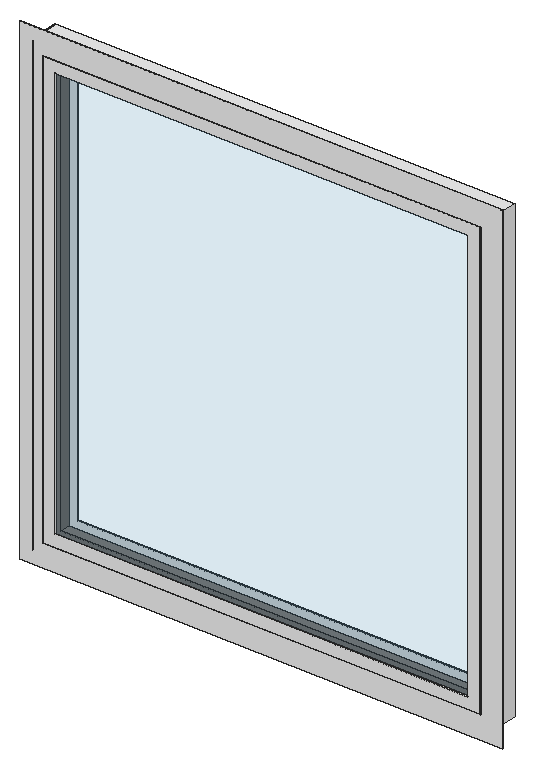
Revit family "Casement_38_E_Side_Hung_Custom", category Windows, host Wall, Revit 2014
Parameters (values of type "Casement_Sash_DG")
  Width Sash [instance] = 30 mm
  Width Sash Inner = 15 mm
  Width Bead = 15 mm
  Top Hung [instance] = yes
  Side Hung Right [instance] = yes
  Side Hung Left [instance] = yes
  Sash Opening Width [instance] = 600 mm
  Sash Opening Height [instance] = 600.312 mm
  Sash Lip = 15 mm
  Glazing Material [instance] = Glass
  DG Start Piece 2 [instance] = DG End Piece 1 + DG Gasket Thickness  # 25 mm
  DG Start Peice 1 [instance] = (Depth Sash - (2 * DG Glazing Thickness) - DG Gasket Thickness) / 2  # 6.6 mm
  Glazing Offset = 5 mm
  DG Glazing Thickness [instance] = 6.4 mm
  DG Gasket Thickness = 12 mm  # constant formula
  DG Gasket Material [instance] = Double Glazing Gasket Material
  DG End Piece 2 [instance] = DG Start Piece 2 + DG Glazing Thickness  # 31.4 mm
  DG End Piece 1 [instance] = DG Start Peice 1 + DG Glazing Thickness  # 13 mm
  Depth Sash [instance] = 38 mm
  Center Vertical Sash [instance] = Sash Opening Height / 2  # 300.156 mm
  Center Horizontal Sash [instance] = Sash Opening Width / 2  # 300 mm
  Bottom Hung [instance] = yes
  Bead Offset = 15 mm
  Aluminium Thickness = 1 mm
  Aluminium Material [instance] = White Powder Coated Aluminium
Reference planes
  plane 1 "Center (Front/Back)": y = 0
  plane 2: z = 0
  plane 3 "Center (Left/Right)": x = 0
Forms (mm)
  Sweep 1, solid, material "White Powder Coated Aluminium" <- "Aluminium Material"
    path origin (16.177, 0, 121.331) x (1, 0, 0) y (0, 0, 1)
      loop
        line (0, 0) -> (600, 0) -> (600, 600.312) -> (0, 600.312) -> (0, 0)
    profile origin (316.177, 0, 121.331) x (0, 0, 1) y (0, -1, 0)
      loop
        line (0, 0) -> (30, 0) -> (30, 1) -> (15, 1) -> (15, 38) -> (-15, 38) -> (-15, 37) -> (0, 37) -> (0, 0)
      loop
        line (14, 1) -> (14, 37) -> (1, 37) -> (1, 1) -> (14, 1)
  Sweep 2, solid, material "White Powder Coated Aluminium" <- "Aluminium Material"
    path origin (0, 0, 0) x (1, 0, 0) y (0, 0, 1)
      loop
        line (31.177, 706.643) -> (31.177, 136.331) -> (601.177, 136.331) -> (601.177, 706.643) -> (31.177, 706.643)
    profile origin (316.177, 0, 706.643) x (0, 0, 1) y (0, -1, 0)
      loop
        line (0, 37) -> (0, 38) -> (-15, 38) -> (-15, 37) -> (0, 37)
  Extrusion 3, solid, material "Glass" <- "Glazing Material"
    sketch origin (0, 0, 0) x (1, 0, 0) y (0, 0, 1)
      loop
        line (36.177, 701.643) -> (36.177, 141.331) -> (596.177, 141.331) -> (596.177, 701.643) -> (36.177, 701.643)
    from 6.6 <- "DG Start Peice 1" to 13 <- "DG End Piece 1"
  Extrusion 4, solid, material "Glass" <- "Glazing Material"
    sketch origin (0, 0, 0) x (1, 0, 0) y (0, 0, 1)
      loop
        line (36.177, 701.643) -> (36.177, 141.331) -> (596.177, 141.331) -> (596.177, 701.643) -> (36.177, 701.643)
    from 31.4 <- "DG End Piece 2" to 25 <- "DG Start Piece 2"
  Sweep 5, solid, material "Double Glazing Gasket Material" <- "DG Gasket Material"
    path origin (0, -13, 0) x (1, 0, 0) y (0, 0, 1)
      loop
        line (36.177, 701.643) -> (36.177, 141.331) -> (596.177, 141.331) -> (596.177, 701.643) -> (36.177, 701.643)
    profile origin (316.177, -13, 701.643) x (0, 0, 1) y (0, -1, 0)
      loop
        line (0, 0) -> (0, 12) -> (-7.96, 12) -> (-7.96, 0) -> (0, 0)
Lines and regions (mm)
  model lines
    curve 1: line (1.177, -38, 736.643) -> (31.177, -38, 706.643)
    curve 2: line (601.177, -38, 706.643) -> (631.177, -38, 736.643)
    curve 3: line (601.177, -38, 136.331) -> (631.177, -38, 106.331)
    curve 4: line (1.177, -38, 106.331) -> (31.177, -38, 136.331)
    curve 5: line (631.177, -37, 736.643) -> (616.177, -37, 721.643)
    curve 6: line (1.177, -37, 736.643) -> (16.177, -37, 721.643)
    curve 7: line (1.177, -37, 106.331) -> (16.177, -37, 121.331)
    curve 8: line (631.177, -37, 106.331) -> (616.177, -37, 121.331)
    curve 9: line (616.177, 0, 121.331) -> (586.177, 0, 151.331)
    curve 10: line (46.177, 0, 151.331) -> (16.177, 0, 121.331)
    curve 11: line (616.177, 0, 721.643) -> (586.177, 0, 691.643)
    curve 12: line (46.177, 0, 691.643) -> (16.177, 0, 721.643)
    curve 13: line (31.177, -38, 691.643) -> (46.177, -38, 691.643)
    curve 14: line (586.177, -38, 691.643) -> (601.177, -38, 691.643)
    curve 15: line (586.177, -38, 151.331) -> (601.177, -38, 151.331)
    curve 16: line (31.177, -38, 151.331) -> (46.177, -38, 151.331)
  model lines, style "GenericModelHiddenLines", visible <- "Top Hung"
    curve 17: line (46.386, -31.4, 690.914) -> (316.177, -31.4, 151.331)
    curve 18: line (316.177, -31.4, 151.331) -> (586.177, -31.4, 691.331)
  model lines, style "GenericModelHiddenLines", visible <- "Bottom Hung"
    curve 19: line (46.177, -31.4, 151.331) -> (316.177, -31.4, 691.331)
    curve 20: line (316.177, -31.4, 691.331) -> (586.177, -31.4, 151.331)
  model lines, style "GenericModelHiddenLines", visible <- "Side Hung Left"
    curve 21: line (46.386, -31.4, 690.914) -> (585.24, -31.4, 421.487)
    curve 22: line (585.24, -31.4, 421.487) -> (46.177, -31.4, 151.331)
  model lines, style "GenericModelHiddenLines", visible <- "Side Hung Right"
    curve 23: line (586.177, -31.4, 691.331) -> (46.177, -31.4, 421.487)
    curve 24: line (46.177, -31.4, 421.487) -> (586.177, -31.4, 151.331)
Dimensions and locks
  "Aluminium Thickness": Sweep 1 sketch curve to Sweep 1 sketch curve  (x4)
  "Depth Sash": Sweep 1 sketch curve to Sweep 1 sketch curve
  "Sash Opening Width": Sweep 1 to Sweep 1
  "Sash Opening Height": Sweep 1 to Sweep 1
  "Width Sash": Sweep 1 sketch curve to Sweep 1 sketch curve  (x2)
  "Width Sash Inner": Sweep 1 sketch curve to Sweep 1 sketch curve
  "Sash Lip": Sweep 1 sketch curve to Sweep 1 sketch curve
  "Aluminium Thickness": Sweep 1 to Sweep 2 sketch curve
  "Glazing Offset": Sweep 2 to Extrusion 3 sketch curve  (x3)
  "Glazing Offset": Extrusion 3 sketch curve to Sweep 2
  Sweep 1 to Sweep 1 = 1 mm
  "Aluminium Thickness": Sweep 2 sketch curve to Sweep 2 sketch curve
  "Width Bead": Sweep 2 sketch curve to Sweep 2 sketch curve
  locked: Sweep 5 sketch curve to Sweep 5 sketch curve at 7.96
  "Center Horizontal Sash": Sweep 1 to curve 18
  "Center Horizontal Sash": Sweep 1 to curve 20
  "Center Vertical Sash": Sweep 1 to curve 22
  "Center Vertical Sash": Sweep 1 to curve 24
  aligned and locked: level to plane 2
  aligned and locked: Sweep 1 sketch curve to Sweep 1 sketch curve  (x2)
  aligned and locked: Sweep 2 sketch curve to Sweep 1  (x5)
  aligned and locked: Extrusion 4 sketch curve to Extrusion 3  (x4)
  aligned and locked: Sweep 5 sketch curve to Extrusion 3  (x5)
  aligned and locked: Extrusion 3 to Sweep 5 sketch curve
Automatic sketch dimensions
  plane 3 "Center (Left/Right)" to Sweep 1 sketch curve = 16.177 mm
  level to Sweep 1 sketch curve = 121.331 mm
  plane 3 "Center (Left/Right)" to Sweep 1 sketch curve = 616.177 mm
  level to Sweep 1 sketch curve = 721.643 mm
  profile plane to Sweep 5 sketch curve = 12 mm
  curve 7 to Sweep 1 = 0 mm  (x4)
  curve 6 to Sweep 1 = 0 mm  (x3)
  Sweep 1 to curve 6 = 0 mm
  curve 5 to Sweep 1 = 0 mm  (x3)
  curve 8 to Sweep 1 = 0 mm  (x4)
  Sweep 1 to curve 5 = 0 mm
  curve 16 to Sweep 2 = 0 mm  (x3)
  curve 13 to Sweep 2 = 0 mm  (x3)
  curve 15 to Sweep 2 = 0 mm
  Sweep 2 to curve 15 = 0 mm  (x2)
  curve 14 to Sweep 2 = 0 mm  (x2)
  Sweep 2 to curve 14 = 0 mm
  curve 1 to Sweep 1 = 0 mm  (x4)
  curve 4 to Sweep 1 = 0 mm  (x3)
  Sweep 1 to curve 4 = 0 mm
  curve 3 to Sweep 1 = 0 mm  (x3)
  curve 2 to Sweep 1 = 0 mm  (x4)
  Sweep 1 to curve 3 = 0 mm
  curve 10 to Sweep 1 = 0 mm  (x4)
  curve 12 to Sweep 1 = 0 mm  (x3)
  Sweep 1 to curve 12 = 0 mm
  curve 9 to Sweep 1 = 0 mm  (x4)
  curve 11 to Sweep 1 = 0 mm  (x3)
  Sweep 1 to curve 11 = 0 mm
  Sweep 1 sketch curve to plane 1 "Center (Front/Back)" = 0 mm
  profile plane to Sweep 1 sketch curve = 0 mm
  curve 21 to Extrusion 4 = 10.208 mm
  curve 19 to Extrusion 4 = 10 mm
  curve 23 to Extrusion 4 = 10 mm  (x2)
  curve 22 to Extrusion 4 = 10.937 mm
  curve 20 to Extrusion 4 = 10 mm
  curve 24 to Extrusion 4 = 10 mm
  curve 22 to Extrusion 4 = 10 mm
  curve 18 to Extrusion 4 = 10 mm
  curve 21 to Extrusion 4 = 10.729 mm
  curve 19 to Extrusion 4 = 10.312 mm
  curve 18 to Extrusion 4 = 10.312 mm
